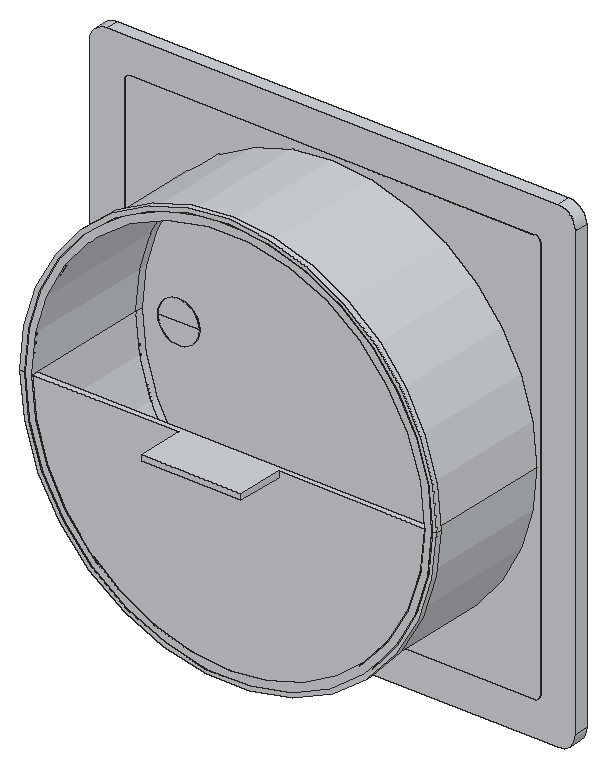
Revit family "MHY-3-RB", category Pipe Accessories, host Wall, Revit 2018
Family settings
  Host = Wall
  Round Connector Dimension = Use Diameter
  Part Type = Normal
  Always vertical = Yes
  Cut with Voids When Loaded = No
  Shared = No
Parameters (values of type "MHY-3-RB")
  URL = "WWW.MIFAB.COM"
  Offset = 3' - 0"
  Model = "MHY-3-RB"
  Manufacturer = "MIFAB"
  Description = "CORE HOLE WALL HYDRANT BOX"
Types (2): name | URL | Model | Manufacturer | Description
  Type 1 | 0' - 0" | 0' - 0" | 0' - 0" | 0' - 0"
  MHY-3-RB | "WWW.MIFAB.COM" | "MHY-3-RB" | "MIFAB" | "CORE HOLE WALL HYDRANT BOX"
Reference planes (in)
  plane 1 "Wall": y = 0
  plane 2 "Center (Left/Right)": x = 4.92126
  plane 3 "Back": y = 2.95276
  plane 4: z = 36
  plane 5: z = 43
  plane 6: x = 1.42126
  plane 7: x = 8.42126
  plane 8: z = 39.5
  plane 9: x = 1.92126
  plane 10: x = 7.92126
  plane 11: z = 42.5
  plane 12: z = 36.5
  plane 13: y = 3.14961
  plane 14: y = 3.05118
  plane 15: y = 1.07776
  plane 16: z = 39.41492
Forms (in)
  Extrusion 1, solid
    sketch origin (0, 0, 0) x (1, 0, 0) y (0, 0, 1)
      loop
        circle (4.92126, 39.5) r 2.9375
      loop
        circle (4.92126, 39.5) r 2.82796
    from -2.95276 to -1.07776
  Extrusion 2, solid
    sketch origin (0, 0, 0) x (1, 0, 0) y (0, 0, 1)
      loop
        line (8.17126, 43) -> (1.67126, 43)
        arc (1.67126, 43) -> (1.49448, 42.92678) -> (1.42126, 42.75) r 0.25
        line (1.42126, 42.75) -> (1.42126, 36.25)
        arc (1.42126, 36.25) -> (1.49448, 36.07322) -> (1.67126, 36) r 0.25
        line (1.67126, 36) -> (8.17126, 36)
        arc (8.17126, 36) -> (8.34804, 36.07322) -> (8.42126, 36.25) r 0.25
        line (8.42126, 36.25) -> (8.42126, 42.75)
        arc (8.42126, 42.75) -> (8.34804, 42.92678) -> (8.17126, 43) r 0.25
      loop
        line (7.82751, 42.5) -> (2.01326, 42.5)
        arc (2.01326, 42.5) -> (1.94821, 42.47305) -> (1.92126, 42.408) r 0.092
        line (1.92126, 42.408) -> (1.92126, 36.59375)
        arc (1.92126, 36.59375) -> (1.94872, 36.52746) -> (2.01501, 36.5) r 0.09375
        line (2.01501, 36.5) -> (7.82751, 36.5)
        arc (7.82751, 36.5) -> (7.8938, 36.52746) -> (7.92126, 36.59375) r 0.09375
        line (7.92126, 36.59375) -> (7.92126, 42.40625)
        arc (7.92126, 42.40625) -> (7.8938, 42.47254) -> (7.82751, 42.5) r 0.09375
    from -2.95276 to -3.14961
  Extrusion 3, solid
    sketch origin (0, 0, 0) x (1, 0, 0) y (0, 0, 1)
      loop
        arc (7.92126, 42.40625) -> (7.8938, 42.47254) -> (7.82751, 42.5) r 0.09375
        line (7.82751, 42.5) -> (2.01326, 42.5)
        arc (2.01326, 42.5) -> (1.94821, 42.47305) -> (1.92126, 42.408) r 0.092
        line (1.92126, 42.408) -> (1.92126, 36.59375)
        arc (1.92126, 36.59375) -> (1.94872, 36.52746) -> (2.01501, 36.5) r 0.09375
        line (2.01501, 36.5) -> (7.82751, 36.5)
        arc (7.82751, 36.5) -> (7.8938, 36.52746) -> (7.92126, 36.59375) r 0.09375
        line (7.92126, 36.59375) -> (7.92126, 42.40625)
      loop
        circle (4.92126, 39.5) r 2.82796
    from -3.05118 to -2.95276
  Extrusion 4, solid
    sketch origin (0, 0, -0.96663) x (1, 0, 0) y (0, 0, 1)
      loop
        arc (7.92126, 43.37288) -> (7.8938, 43.43917) -> (7.82751, 43.46663) r 0.09375
        line (7.82751, 43.46663) -> (2.01326, 43.46663)
        arc (2.01326, 43.46663) -> (1.94821, 43.43968) -> (1.92126, 43.37463) r 0.092
        line (1.92126, 43.37463) -> (1.92126, 37.56038)
        arc (1.92126, 37.56038) -> (1.94872, 37.49409) -> (2.01501, 37.46663) r 0.09375
        line (2.01501, 37.46663) -> (7.82751, 37.46663)
        arc (7.82751, 37.46663) -> (7.8938, 37.49409) -> (7.92126, 37.56038) r 0.09375
        line (7.92126, 37.56038) -> (7.92126, 43.37288)
      loop
        circle (2.62501, 40.46663) r 0.30082
    from -3.14961 to -3.05118
  Extrusion 5, void
    sketch origin (0, 0, 0) x (1, 0, 0) y (0, 0, 1)
      loop
        line (8.17126, 43) -> (1.67126, 43)
        arc (1.67126, 43) -> (1.49448, 42.92678) -> (1.42126, 42.75) r 0.25
        line (1.42126, 42.75) -> (1.42126, 36.25)
        arc (1.42126, 36.25) -> (1.49448, 36.07322) -> (1.67126, 36) r 0.25
        line (1.67126, 36) -> (8.17126, 36)
        arc (8.17126, 36) -> (8.34804, 36.07322) -> (8.42126, 36.25) r 0.25
        line (8.42126, 36.25) -> (8.42126, 42.75)
        arc (8.42126, 42.75) -> (8.34804, 42.92678) -> (8.17126, 43) r 0.25
    from -2.95276 to 0
  Extrusion 6, solid
    sketch origin (0, 0, 0) x (1, 0, 0) y (0, 0, 1)
      loop
        line (7.74922, 39.5) -> (2.0933, 39.5)
        arc (2.0933, 39.5) -> (4.92126, 36.67204) -> (7.74922, 39.5) r 2.82796
    from -1.15341 to -1.07776
  Extrusion 7, solid
    sketch origin (0, 0, 0) x (1, 0, 0) y (0, 1, 0)
      loop
        line (4.20251, 1.07776) -> (4.20251, 0.41065) -> (5.64001, 0.41065) -> (5.64001, 1.07776) -> (4.20251, 1.07776)
    from 39.41492 to 39.5
Cuts and joins
  joined: Extrusion 6, Extrusion 7
Lines and regions (in)
  model lines, not visible
    curve 1: line (-14.89826, 0, 55.05987) -> (-14.89826, 0, 58.05987)
    curve 2: line (-14.89826, 0, 58.05987) -> (-21.89826, 0, 58.05987)
    curve 3: line (-21.89826, 0, 58.05987) -> (-21.89826, 0, 55.05987)
    curve 4: line (-18.39826, 0, 58.05987) -> (-18.39826, 0, 56.55987)
    curve 5: line (-5.01588, 0, 46.85087) -> (-5.01588, 0, 47.35087)
    curve 6: line (-5.01588, 0, 47.35087) -> (-10.89088, 0, 47.35087)
    curve 7: line (-10.89088, 0, 47.35087) -> (-10.89088, 0, 46.85087)
    curve 8: line (-7.95338, 0, 47.35087) -> (-7.95338, 0, 46.85087)
Text (in)
  text "Placement Side" at (-72.78884, 43.96769, 0), in view "Ref. Level"
  text "Placement side" at (0, 55.50411, 112.37426), in view "Left"
  text "Placement side" at (0, 19.67758, 117.35164), in view "Right"
Dimensions and locks (in)
  locked: plane 3 "Back" to host wall
  "Offset": level to plane 4
  plane 4 to plane 5 = 0' - 7"
  equal spacing: plane 7, plane 2 "Center (Left/Right)", plane 6
  plane 7 to plane 6 = 0' - 7"
  equal spacing: plane 4, plane 8, plane 5
  locked: plane 4 to plane 5 at 7
  locked: plane 3 "Back" to plane 13 at 0.19685
  plane 3 "Back" to plane 15 = 0' - 1 7/8"
  plane 10 to plane 2 "Center (Left/Right)" to plane 9 = 0' - 3", 0' - 3"
  plane 9 to plane 10 = 0' - 6"
  equal spacing: plane 12, plane 8, plane 11
  plane 12 to plane 11 = 0' - 6"
  locked: plane 4 to plane 12 at 0.5
  plane 11 to plane 5 = 0' - 0 1/2"
  locked: plane 12 to Extrusion 4 at 3
  locked: nested 1 to plane 9 at 0.68695
  locked: plane 8 to plane 16 at 0.08508
  aligned and locked: plane 1 "Wall" to host wall
  aligned and locked: plane 5 to Extrusion 2 sketch curve
  aligned and locked: plane 7 to Extrusion 2 sketch curve
  aligned and locked: Extrusion 2 sketch curve to plane 4
  aligned and locked: plane 6 to Extrusion 2 sketch curve
  aligned and locked: host wall to Extrusion 2
  aligned and locked: plane 13 to Extrusion 2
  aligned and locked: Extrusion 3 sketch curve to Extrusion 2  (x2)
  aligned and locked: Extrusion 3 sketch curve to Extrusion 1
  aligned and locked: Extrusion 3 to plane 14
  aligned and locked: Extrusion 3 to host wall
  aligned and locked: host wall to Extrusion 1
  aligned and locked: Extrusion 4 sketch curve to Extrusion 2  (x4)
  aligned and locked: Extrusion 2 to Extrusion 4
  aligned and locked: Extrusion 4 to Extrusion 3
  aligned and locked: Extrusion 5 sketch curve to Extrusion 2  (x2)
  aligned and locked: host wall to Extrusion 5  (x2)
  aligned and locked: plane 8 to Extrusion 4  (x2)
  aligned and locked: plane 8 to nested 1
  aligned and locked: nested 2 to plane 8
  aligned and locked: plane 2 "Center (Left/Right)" to nested 2
  aligned and locked: Extrusion 6 sketch curve to Extrusion 3
  aligned and locked: Extrusion 6 sketch curve to nested 1
  aligned and locked: Extrusion 6 to nested 2
  aligned and locked: Extrusion 1 to Extrusion 6
  aligned and locked: plane 8 to Extrusion 7
  aligned and locked: Extrusion 7 to plane 16
  aligned and locked: Extrusion 7 to plane 8
Automatic sketch dimensions
  Extrusion 1 sketch curve to Extrusion 1 sketch curve = 0' - 0"  (x2)
  Extrusion 1 sketch curve to plane 2 "Center (Left/Right)" = 0' - 0"
  Extrusion 1 sketch curve to plane 8 = 0' - 0"
  Extrusion 2 sketch curve to plane 9 = 0' - 0"
  Extrusion 2 sketch curve to plane 11 = 0' - 0"
  Extrusion 2 sketch curve to plane 12 = 0' - 0"
  plane 10 to Extrusion 2 sketch curve = 0' - 0"
  Extrusion 2 sketch curve to plane 6 = 0' - 0 1/4"  (x2)
  plane 9 to Extrusion 2 sketch curve = 0' - 0.092"
  Extrusion 2 sketch curve to Extrusion 2 sketch curve = 0' - 0 3/32"
  plane 10 to Extrusion 2 sketch curve = 0' - 0 3/32"  (x2)
  plane 4 to Extrusion 2 sketch curve = 0' - 0 1/4"
  Extrusion 2 sketch curve to plane 5 = 0' - 0 1/4"
  Extrusion 3 sketch curve to plane 9 = 0' - 0"
  Extrusion 3 sketch curve to plane 12 = 0' - 0"
  plane 9 to Extrusion 3 sketch curve = 0' - 0.092"
  plane 9 to Extrusion 3 sketch curve = 0' - 0 3/32"
  plane 10 to Extrusion 3 sketch curve = 0' - 0 3/32"
  Extrusion 4 sketch curve to plane 8 = 0' - 0"
  plane 9 to Extrusion 4 sketch curve = 0' - 0.70375"
  plane 6 to Extrusion 5 sketch curve = 0' - 0"
  Extrusion 5 sketch curve to plane 4 = 0' - 0"
  Extrusion 5 sketch curve to plane 6 = 0' - 0 1/4"
  Extrusion 5 sketch curve to Extrusion 5 sketch curve = 0' - 0 1/4"
  Extrusion 5 sketch curve to plane 7 = 0' - 0 1/4"
  Extrusion 7 sketch curve to plane 15 = 0' - 0"
  Extrusion 7 sketch curve to plane 2 "Center (Left/Right)" = 0' - 0 23/32"
  plane 2 "Center (Left/Right)" to Extrusion 7 sketch curve = 0' - 0 23/32"
  Extrusion 7 sketch curve to host wall = 0' - 0.41065"
  radius of Extrusion 1 sketch curve = 0' - 2 15/16"
  radius of Extrusion 1 sketch curve = 0' - 2.82796"
  radius of Extrusion 4 sketch curve = 0' - 0.30082"
Nested families (in)
  nested 1: "Family3" at (-0.73152, 3.05118, 39.5) x (1, 0, 0) z (0, 1, 0), type "Family3"
  nested 2: "Family pipe" at (4.92126, 1.07776, 39.5) x (1, 0, 0) z (0, -1, 0), type "Family pipe"
Definition of nested family "Family3"
  Parameters (values of type "Family3")
    Default Elevation = 4' - 0"
  Reference planes (in)
    plane 1 "Center (Front/Back)": y = 0
    plane 2: z = 0
    plane 3 "Center (Left/Right)": x = 0
  Forms (in)
    Extrusion 1, solid
      sketch origin (0, 0, 0) x (1, 0, 0) y (0, 1, 0)
        loop
          line (-48, 48) -> (-48, -48) -> (48, -48) -> (48, 48) -> (-48, 48)
      from 0 to -12
    Revolve 2, solid
      sketch origin (10.57404, 0, -3.05118) x (-1, 0, 0) y (0, 0, -1)
        loop
          line (7.21751, -3.05118) -> (7.21751, -3.20825) -> (7.49057, -3.20825) -> (7.51833, -3.14872) -> (7.51833, -3.05118) -> (7.21751, -3.05118)
        axis (7.21751, -3.05118) -> (7.21751, -3.20825)
      angle from 0 to 360
    Extrusion 3, void
      sketch origin (0.73152, 40.46663, 3.30579) x (0, -1, 0) y (1, 0, 0)
        loop
          line (40.76698, 2.64182) -> (40.16628, 2.64182)
          arc (40.16628, 2.64182) -> (40.16581, 2.62501) -> (40.16628, 2.6082) r 0.30082
          line (40.16628, 2.6082) -> (40.76698, 2.6082)
          arc (40.76698, 2.6082) -> (40.76745, 2.62501) -> (40.76698, 2.64182) r 0.30082
      from -3.20825 to -3.14961
  Cuts and joins
    Extrusion 3 cuts Revolve 2
  Dimensions and locks (in)
    aligned and locked: plane 2 to Extrusion 1
    aligned and locked: level to Extrusion 1
Definition of nested family "Family pipe"
  Parameters (values of type "Family pipe")
    Default Elevation = 4' - 0"
  Reference planes (in)
    plane 1 "Center (Front/Back)": y = 0
    plane 2: z = 0
    plane 3 "Center (Left/Right)": x = 0
  Forms (in)
    Extrusion 1, solid
      sketch origin (0, 0, 0) x (1, 0, 0) y (0, 1, 0)
        loop
          line (-48, 48) -> (-48, -48) -> (48, -48) -> (48, 48) -> (-48, 48)
      from 0 to -12
    Revolve 2, solid
      sketch origin (-4.92126, 0, 1.07776) x (1, 0, 0) y (0, 0, -1)
        loop
          line (7.85843, 1.07776) -> (7.92126, 1.07776) -> (7.92126, 1.15341) -> (7.85843, 1.15341) -> (7.85843, 1.07776)
        axis (4.92126, 1.07776) -> (4.92126, 1.15341)
      angle from 0 to 360
  Dimensions and locks (in)
    aligned and locked: plane 2 to Extrusion 1
    aligned and locked: level to Extrusion 1
